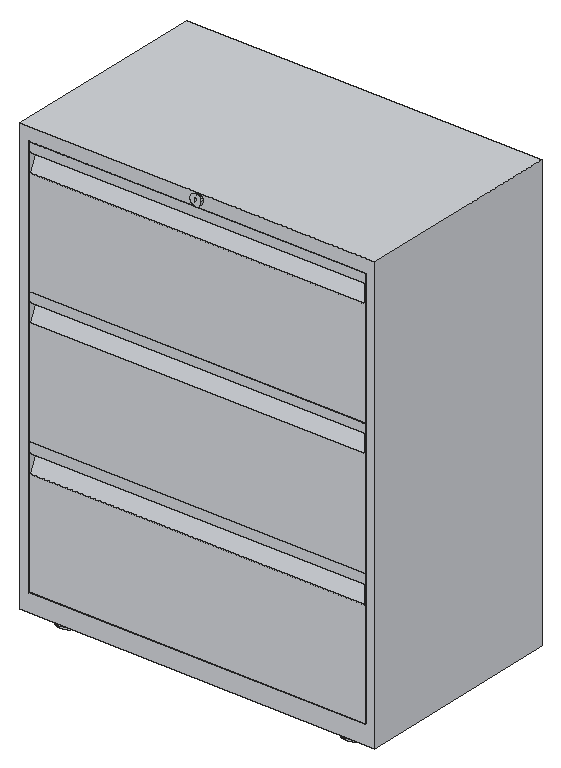
Revit family "Drawer Units", category Furniture, Revit 2018
Family settings
  OmniClass Number = 23.40.20.00
  OmniClass Title = General Furniture and Specialties
  Work Plane-Based = No
  Always vertical = Yes
  Cut with Voids When Loaded = No
  Shared = No
  Room Calculation Point = No
Parameters (values of type "08C30.3HQ")
  Weight = "94.34kg"
  Warranty = "10 Years"  # constant formula
  Uniclass2015Version = "V1.1"  # constant formula
  Uniclass2015Title = "78 Shelves and Storage Units"  # constant formula
  Uniclass 2015 Code = "PR_40_30_78_25"  # constant formula
  URL = "www.bisley.com"
  Training Requirements for Operational Use = "N/A"  # constant formula
  Top Drawer on/off = no
  Tolerance = 1 mm
  Routine Maintenance = "We recommend you clean your unit with warm water and a mil detergent solution. A damp cloth can be used to reove dust partles."  # constant formula
  Revision = "V1"  # constant formula
  Range = "LateralFile"  # constant formula
  Product Information = ""
  NamePlate_Material = Polypropylene
  Model Reference = "08C30.3HQ"
  Model = "1"  # constant formula
  Mid Point Carcass = 400 mm
  Manufacturer = "Bisley"  # constant formula
  Locker Height = 303 mm
  Lock_Material = Steel AISI 4620
  Lock Height = 982 mm
  Installation Date = ""
  Full Dimension = "800mm x 997mm x 470mm"
  Finish = "Powder Coated"  # constant formula
  Expected Life = "<10 Years"  # constant formula
  Drawer_Material = Steel, Mild
  Drawer 1 = Drawers : H 800
  Door_Material = none
  Compliance Standards Certification = "BS EN 14073 2004 Part 2 & 3, BS EN 14074, BS EN 14074, BS 4875 1998 Part 7 level 4 & Part 8, BS 476 Part 7 1987 Class 2Y"  # constant formula
  Category = "LateralFile Drawer Units"  # constant formula
  Carcass_Material = Steel, Mild
  Carcass = Carcasses : 08C30
  Author = "Bisley"  # constant formula
  3rd Drawer on/off = yes
Types (9, lengths in mm): name | Weight | Top Drawer on/off | Model Reference | Mid Point Carcass | Lock Height | Full Dimension | Drawer 1 | Door_Material | Carcass | 3rd Drawer on/off
  (no name) | "94.34kg" | no | "08C30.3HQ" | 400 | 982 | "800mm x 997mm x 470mm" | Drawers : H 800 | none | Carcasses : 08C30 | yes
  08C20.2HQ | "74.29" | no | "08C20.2HQ" | 400 | 678 | "800mm x 693mm x 470mm" | Drawers : H 800 | Default | Carcasses : 08C20 | no
  08C30.3HQ | "94.34kg" | no | "08C30.3HQ" | 400 | 982 | "800mm x 997mm x 470mm" | Drawers : H 800 | none | Carcasses : 08C30 | yes
  08C40.4H | "86.658kg" | yes | "08C40.4H" | 400 | 1286 | "800mm x 1301mm x 470mm" | Drawers : H 800 | none | Carcasses : 08C40 | yes
  09C20.2HQ | "81.087kg" | no | "09C20.2HQ" | 450 | 678 | "900mm x 693mm x 470mm" | Drawers : H 900 | none | Carcasses : 09C20.2HQ | no
  09C30.3HQ | "100.11kg" | no | "09C30.3HQ" | 450 | 982 | "900mm x 997mm x 470mm" | Drawers : H 900 | none | Carcasses : 09C30.3HQ | yes
  10C20.2HQ | "88.691kg" | no | "10C20.2HQ" | 500 | 678 | "1000mm x 693mm x 470mm" | Drawers : H 1000 | none | Carcasses : 10C20 | no
  10C30.3HQ | "114.521kg" | no | "10C30.3HQ" | 500 | 982 | "1000mm x 997mm x 470mm" | Drawers : H 1000 | none | Carcasses : 10C30 | yes
  10C40.4H | "99.153kg" | yes | "10C40.4H" | 500 | 1286 | "1000mm x 1301mm x 470mm" | Drawers : H 1000 | none | Carcasses : 10C40 | yes
Reference planes
  plane 1 "Center (Front/Back)": y = 0
  plane 2: z = 0
  plane 3 "Center (Left/Right)": x = 0
  plane 4: y = 0
  plane 5: z = 59
  plane 6: z = 362
  plane 7: z = 363
  plane 8: x = 400
  plane 9: z = 666
  plane 10: z = 667
  plane 11: z = 970
  plane 12: z = 971
  plane 13: z = 982
Dimensions and locks
  locked: plane 5 to plane 2 at 59
  "Locker Height": plane 6 to plane 5
  "Tolerance": plane 7 to plane 6
  "Mid Point Carcass": plane 8 to plane 3 "Center (Left/Right)"
  "Locker Height": plane 9 to plane 7
  "Tolerance": plane 10 to plane 9
  "Locker Height": plane 11 to plane 10
  "Tolerance": plane 12 to plane 11
  "Lock Height": plane 13 to level
  aligned and locked: level to plane 2
  aligned and locked: plane 4 to nested 1
  aligned and locked: plane 4 to nested 2
  aligned and locked: nested 1 to level
  aligned and locked: plane 1 "Center (Front/Back)" to plane 4
  aligned and locked: plane 1 "Center (Front/Back)" to nested 3
  aligned and locked: plane 3 "Center (Left/Right)" to nested 1
  aligned and locked: nested 2 to plane 5
  aligned and locked: nested 3 to plane 7
  aligned and locked: plane 8 to nested 3
  aligned and locked: plane 8 to nested 2
  aligned and locked: nested 4 to plane 10
  aligned and locked: nested 5 to plane 12
  aligned and locked: plane 8 to nested 5
  aligned and locked: plane 8 to nested 4
  aligned and locked: nested 6 to plane 13
  aligned and locked: plane 8 to nested 6
  aligned and locked: plane 1 "Center (Front/Back)" to nested 6
Nested families
  nested 1: "Carcasses" at (0, 470, 17), type <- "Carcass", type "08C30"
  nested 2: "Drawers" at (400, 10, 59), type <- "Drawer 1", type "H 800"
  nested 3: "Drawers" at (400, 10, 363), type <- "Drawer 1", type "H 800"
  nested 4: "Drawers" at (400, 10, 667), type <- "Drawer 1", visible <- "3rd Drawer on/off", type "H 800"
  nested 5: "Drawers" at (400, 10, 971), type <- "Drawer 1", visible <- "Top Drawer on/off", type "H 800"
  nested 6: "Basic AB Lock" at (400, 0, 986.92), type "Basic AB Lock"
Definition of nested family "Carcasses"
  Parameters (values of type "10C40")
    Width = 1000 mm
    Top Panel Height = 30 mm
    Outer Panels Width = 20 mm
    Height = 1301 mm
    Depth = 470 mm
    Carcass Height = Height - 13 mm  # 1288 mm
    Base Panel Height = 40 mm
  Types (18, lengths in mm): name | Width | Height | Carcass Height
    08C24 | 800 | 845 | 832
    08C36 | 800 | 1225 | 1212
    08C48 | 800 | 1605 | 1592
    08C61 | 800 | 1985 | 1972
    10C24 | 1000 | 845 | 832
    10C36 | 1000 | 1225 | 1212
    10C48 | 1000 | 1605 | 1592
    10C61 | 1000 | 1985 | 1972
    08C20 | 800 | 693 | 680
    08C30 | 800 | 997 | 984
    08C32 | 800 | 1073 | 1060
    08C34 | 800 | 1149 | 1136
    08C40 | 800 | 1301 | 1288
    09C20.2HQ | 900 | 693 | 680
    09C30.3HQ | 900 | 997 | 984
    10C20 | 1000 | 693 | 680
    10C30 | 1000 | 997 | 984
    10C40 | 1000 | 1301 | 1288
  Reference planes
    plane 1 "Center (Front/Back)": y = 0
    plane 2: z = 0
    plane 3 "Center (Left/Right)": x = 0
    plane 4: x = 1000
    plane 5: y = -470
    plane 6: x = 500
    plane 7: y = -235
    plane 8 "Top": z = 1288
    plane 9: x = 20
    plane 10: x = 980
    plane 11: z = 40
    plane 12: z = 1258
    plane 13: y = -20
    plane 14: x = 78
    plane 15: y = -40
    plane 16: x = 922
    plane 17: y = -430
    plane 18: z = 13
  Forms (mm)
    Extrusion 1, solid
      sketch origin (0, 0, 0) x (1, 0, 0) y (0, 1, 0)
        loop
          line (20, -20) -> (20, -470) -> (980, -470) -> (980, -20) -> (20, -20)
      from 0 to 40
    Extrusion 2, solid
      sketch origin (0, 0, 0) x (1, 0, 0) y (0, 0, 1)
        loop
          line (0, 0) -> (20, 0) -> (20, 1258) -> (0, 1258) -> (0, 0)
      from 20 to 470
    Extrusion 3, solid
      sketch origin (0, 0, 0) x (1, 0, 0) y (0, 0, 1)
        loop
          line (0, 1288) -> (0, 1258) -> (1000, 1258) -> (1000, 1288) -> (0, 1288)
      from 20 to 470
    Extrusion 4, solid
      sketch origin (0, 0, 0) x (1, 0, 0) y (0, 0, 1)
        loop
          line (980, 1258) -> (980, 0) -> (1000, 0) -> (1000, 1258) -> (980, 1258)
      from 20 to 470
    Extrusion 5, solid
      sketch origin (0, 0, 0) x (1, 0, 0) y (0, 1, 0)
        loop
          line (0, 0) -> (0, -20) -> (1000, -20) -> (1000, 0) -> (0, 0)
      from 0 to 1288
  Cuts and joins
    joined: Extrusion 1, Extrusion 2, Extrusion 3, Extrusion 4, Extrusion 5
  Dimensions and locks
    equal spacing: plane 5, plane 7, plane 1 "Center (Front/Back)"
    "Depth": plane 1 "Center (Front/Back)" to plane 5
    equal spacing: plane 3 "Center (Left/Right)", plane 6, plane 4
    "Width": plane 3 "Center (Left/Right)" to plane 4
    "Outer Panels Width": plane 9 to plane 3 "Center (Left/Right)"
    "Outer Panels Width": plane 4 to plane 10
    "Base Panel Height": plane 11 to level
    "Top Panel Height": plane 8 "Top" to plane 12
    Extrusion 2 sketch curve to Extrusion 2 sketch curve = 1258 mm
    locked: plane 17 to plane 5 at 40
    locked: plane 3 "Center (Left/Right)" to plane 14 at 78
    locked: plane 1 "Center (Front/Back)" to plane 15 at 40
    locked: plane 16 to plane 4 at 78
    "Carcass Height": plane 8 "Top" to level
    locked: plane 18 to level at 13
    aligned and locked: level to plane 2
    aligned and locked: plane 5 to Extrusion 1 sketch curve
    aligned and locked: Extrusion 2 sketch curve to level
    aligned and locked: Extrusion 2 sketch curve to plane 3 "Center (Left/Right)"
    aligned and locked: plane 9 to Extrusion 2 sketch curve
    aligned and locked: plane 12 to Extrusion 2
    aligned and locked: Extrusion 3 sketch curve to plane 8 "Top"
    aligned and locked: plane 3 "Center (Left/Right)" to Extrusion 3 sketch curve
    aligned and locked: plane 12 to Extrusion 3 sketch curve
    aligned and locked: Extrusion 3 sketch curve to plane 4
    aligned and locked: Extrusion 4 sketch curve to plane 12
    aligned and locked: plane 10 to Extrusion 4 sketch curve
    aligned and locked: level to Extrusion 4 sketch curve
    aligned and locked: Extrusion 4 sketch curve to plane 4
    aligned and locked: Extrusion 2 to plane 5
    aligned and locked: Extrusion 4 to plane 5
    aligned and locked: Extrusion 2 to Extrusion 1
    aligned and locked: Extrusion 3 to plane 5
    aligned and locked: Extrusion 3 to Extrusion 2
    aligned and locked: plane 8 "Top" to Extrusion 3
    aligned and locked: Extrusion 4 to Extrusion 2
    aligned and locked: plane 1 "Center (Front/Back)" to Extrusion 5 sketch curve
    aligned and locked: plane 3 "Center (Left/Right)" to Extrusion 5 sketch curve
    aligned and locked: Extrusion 5 sketch curve to Extrusion 3  (x2)
    aligned and locked: plane 8 "Top" to Extrusion 5
    aligned and locked: nested 1 to plane 17
    aligned and locked: plane 14 to nested 1
    aligned and locked: nested 2 to plane 15
    aligned and locked: nested 2 to plane 14
    aligned and locked: nested 4 to plane 16
    aligned and locked: nested 4 to plane 15
    aligned and locked: nested 3 to plane 17
    aligned and locked: plane 18 to nested 1
    aligned and locked: nested 2 to plane 18
    aligned and locked: plane 16 to nested 3
    aligned and locked: nested 4 to plane 18
    aligned and locked: plane 18 to nested 3
  Automatic sketch dimensions
    plane 3 "Center (Left/Right)" to Extrusion 1 sketch curve = 20 mm
    plane 10 to Extrusion 1 sketch curve = 0 mm
    Extrusion 1 sketch curve to plane 13 = 0 mm
  Nested families
    nested 1: "Leveling Foor" at (78, -430, -17), type "Leveling Foor"
    nested 2: "Leveling Foor" at (78, -40, -17), type "Leveling Foor"
    nested 3: "Leveling Foor" at (922, -430, -17) x (-1, 0, 0) z (0, 0, 1), type "Leveling Foor"
    nested 4: "Leveling Foor" at (922, -40, -17) x (-1, 0, 0) z (0, 0, 1), type "Leveling Foor"
  Definition of nested family "Leveling Foor"
    Parameters (values of type "Leveling Foor")
      Overall Height = 30 mm
      Diamter 2 = 6 mm
      Diameter = 50 mm
      Base Height = 3 mm
    Reference planes
      plane 1 "Center (Front/Back)": y = 0
      plane 2: z = 0
      plane 3 "Center (Left/Right)": x = 0
      plane 4: x = -25
      plane 5: y = -25
      plane 6: x = 25
      plane 7: y = 25
      plane 8: z = 3
      plane 9: z = 30
      plane 10: x = -3
      plane 11: y = -3
      plane 12: x = 3
      plane 13: y = 3
    Forms (mm)
      Extrusion 1, solid
        sketch origin (0, 0, 0) x (1, 0, 0) y (0, 1, 0)
          loop
            circle (0, 0) r 25
        from 0 to 3
      Extrusion 2, solid
        sketch origin (0, 0, 0) x (1, 0, 0) y (0, 1, 0)
          loop
            circle (0, 0) r 3
        from 3 to 30
    Cuts and joins
      joined: Extrusion 1, Extrusion 2
    Dimensions and locks
      equal spacing: plane 4, plane 3 "Center (Left/Right)", plane 6
      "Diameter": plane 4 to plane 6
      "Diameter": plane 7 to plane 5
      equal spacing: plane 7, plane 1 "Center (Front/Back)", plane 5
      "Base Height": plane 8 to level
      "Overall Height": plane 9 to level
      equal spacing: plane 10, plane 3 "Center (Left/Right)", plane 12
      equal spacing: plane 13, plane 1 "Center (Front/Back)", plane 11
      "Diamter 2": plane 13 to plane 11
      "Diamter 2": plane 10 to plane 12
      "Diamter 2": diameter of Extrusion 2
      "Diameter": diameter of Extrusion 1
      aligned and locked: level to plane 2
      aligned and locked: plane 8 to Extrusion 1
      aligned and locked: Extrusion 1 to level
      aligned and locked: plane 3 "Center (Left/Right)" to Extrusion 1 sketch curve
      aligned and locked: plane 1 "Center (Front/Back)" to Extrusion 1 sketch curve
      aligned and locked: plane 1 "Center (Front/Back)" to Extrusion 2 sketch curve
      aligned and locked: plane 3 "Center (Left/Right)" to Extrusion 2 sketch curve
      aligned and locked: plane 9 to Extrusion 2
      aligned and locked: Extrusion 2 to plane 8
    Automatic sketch dimensions
      radius of Extrusion 1 sketch curve = 25 mm
      radius of Extrusion 2 sketch curve = 3 mm
Definition of nested family "Drawers"
  Parameters (values of type "O 900")
    Width = 858 mm
    Thickness = 1.848 mm
    Height = 341 mm
    Depth = 20 mm
  Types (16, lengths in mm): name | Width | Height
    (no name) | 858 | 341
    G 800 | 758 | 379
    G 900 | 858 | 379
    G 1000 | 958 | 379
    O 800 | 758 | 341
    O 900 | 858 | 341
    O 1000 | 958 | 341
    H 800 | 758 | 303
    H 900 | 858 | 303
    H 1000 | 958 | 303
    J 800 | 758 | 266
    J 900 | 858 | 266
    J 1000 | 958 | 266
    K 800 | 758 | 227
    K 900 | 858 | 227
    K 1000 | 958 | 227
  Reference planes
    plane 1 "Center (Front/Back)": y = 0
    plane 2: z = 0
    plane 3 "Center (Left/Right)": x = 0
    plane 4: y = 10
    plane 5: y = -10
    plane 6: z = 341
    plane 7: z = 333.2
    plane 8: y = -8.152
    plane 9: y = 8.152
    plane 10: z = 321
    plane 11: z = 339.152
    plane 12: z = 279
    plane 13: z = 332.2
    plane 14: x = -429
    plane 15: x = 429
    plane 16: x = 427.152
    plane 17: x = -427.152
    plane 18: z = 5
    plane 19: z = 261
    plane 20: x = 409
    plane 21: x = 407.152
    plane 22: x = -409
    plane 23: x = -407.152
    plane 24: z = 6.848
    plane 25: y = 420
    plane 26: y = 418.152
  Forms (mm)
    Extrusion 1, solid
      sketch origin (0, 0, 0) x (0, 1, 0) y (0, 0, 1)
        loop
          line (-10, 321) -> (-8.152, 321) -> (-8.152, 339.206) -> (8.152, 332.2) -> (8.152, 321) -> (-10, 278.756) -> (-10, 0) -> (10, 0) -> (10, 333.2) -> (-8.152, 341) -> (-10, 341) -> (-10, 321)
      from -429 to 429
    Extrusion 2, solid
      sketch origin (0, 0, 0) x (0, 1, 0) y (0, 0, 1)
        loop
          line (10, 0) -> (10, 333.2) -> (-8.152, 341) -> (-10, 341) -> (-10, 0) -> (10, 0)
      from 427.152 to 429
    Extrusion 3, solid
      sketch origin (0, 0, 0) x (0, 1, 0) y (0, 0, -1)
        loop
          line (10, 0) -> (-10, 0) -> (-10, -341) -> (-8.152, -341) -> (10, -333.2) -> (10, 0)
      from 427.152 to 429
    Extrusion 4, solid
      sketch origin (0, 0, 0) x (1, 0, 0) y (0, 0, 1)
        loop
          line (409, 261) -> (407.152, 261) -> (407.152, 6.848) -> (-407.152, 6.848) -> (-407.152, 261) -> (-409, 261) -> (-409, 5) -> (409, 5) -> (409, 261)
      from -10 to -420
    Extrusion 5, solid
      sketch origin (0, 0, 0) x (1, 0, 0) y (0, 0, 1)
        loop
          line (-409, 5) -> (409, 5) -> (409, 261) -> (-409, 261) -> (-409, 5)
      from -420 to -418.152
  Cuts and joins
    joined: Extrusion 1, Extrusion 2, Extrusion 3, Extrusion 4, Extrusion 5
  Dimensions and locks
    "Height": level to plane 6
    equal spacing: plane 4, plane 1 "Center (Front/Back)", plane 5
    "Depth": plane 4 to plane 5
    "Thickness": plane 4 to plane 9
    "Thickness": plane 8 to plane 5
    locked: plane 6 to plane 10 at 20
    "Thickness": plane 6 to plane 11
    locked: plane 6 to plane 7 at 7.8
    locked: plane 6 to plane 12 at 62
    locked: plane 7 to plane 13 at 1
    locked: Extrusion 1 sketch curve to Extrusion 1 sketch curve at 11.2
    locked: Extrusion 1 sketch curve to Extrusion 1 sketch curve at 19.757
    locked: Extrusion 1 sketch curve to Extrusion 1 sketch curve at 17.746
    equal spacing: plane 15, plane 3 "Center (Left/Right)", plane 14
    "Width": plane 15 to plane 14
    "Thickness": plane 17 to plane 14
    "Thickness": plane 15 to plane 16
    locked: level to plane 18 at 5
    locked: plane 15 to plane 20 at 20
    "Thickness": plane 21 to plane 20
    locked: plane 22 to plane 14 at 20
    "Thickness": plane 23 to plane 22
    locked: plane 19 to plane 6 at 80
    "Thickness": plane 18 to plane 24
    "Thickness": plane 25 to plane 26
    aligned and locked: level to plane 2
    aligned and locked: Extrusion 1 sketch curve to level
    aligned and locked: plane 5 to Extrusion 1 sketch curve
    aligned and locked: Extrusion 1 sketch curve to plane 4
    aligned and locked: plane 6 to Extrusion 1 sketch curve
    aligned and locked: Extrusion 1 sketch curve to plane 5
    aligned and locked: Extrusion 1 sketch curve to plane 10
    aligned and locked: Extrusion 1 sketch curve to plane 8
    aligned and locked: Extrusion 1 to plane 14
    aligned and locked: plane 15 to Extrusion 1
    aligned and locked: Extrusion 2 sketch curve to plane 4
    aligned and locked: Extrusion 2 sketch curve to level
    aligned and locked: Extrusion 2 sketch curve to plane 5
    aligned and locked: Extrusion 2 sketch curve to plane 6
    aligned and locked: Extrusion 2 to Extrusion 1
    aligned and locked: Extrusion 2 to plane 16
    aligned and locked: plane 15 to Extrusion 2
    aligned and locked: plane 17 to Extrusion 3
    aligned and locked: Extrusion 3 to Extrusion 1
    aligned and locked: Extrusion 4 sketch curve to plane 19  (x2)
    aligned and locked: plane 23 to Extrusion 4 sketch curve
    aligned and locked: Extrusion 4 sketch curve to plane 22
    aligned and locked: Extrusion 4 sketch curve to plane 24
    aligned and locked: plane 18 to Extrusion 4 sketch curve
    aligned and locked: plane 20 to Extrusion 4 sketch curve
    aligned and locked: Extrusion 4 sketch curve to plane 21
    aligned and locked: plane 25 to Extrusion 4
    aligned and locked: plane 4 to Extrusion 4
    aligned and locked: Extrusion 5 sketch curve to Extrusion 4  (x4)
    aligned and locked: plane 26 to Extrusion 5
    aligned and locked: Extrusion 5 to Extrusion 4
  Automatic sketch dimensions
    Extrusion 1 sketch curve to plane 8 = 0 mm
    Extrusion 1 sketch curve to plane 9 = 0 mm
    Extrusion 1 sketch curve to plane 10 = 0 mm
    Extrusion 1 sketch curve to plane 12 = 0.244 mm
    Extrusion 2 sketch curve to plane 8 = 0 mm
    Extrusion 2 sketch curve to plane 7 = 0 mm
    Extrusion 3 sketch curve to level = 0 mm
    Extrusion 3 sketch curve to plane 5 = 0 mm
    plane 6 to Extrusion 3 sketch curve = 0 mm
    Extrusion 3 sketch curve to plane 8 = 0 mm
    Extrusion 3 sketch curve to plane 4 = 0 mm
    Extrusion 3 sketch curve to plane 7 = 0 mm
Definition of nested family "Basic AB Lock"
  Reference planes
    plane 1 "Center (Front/Back)": y = 0
    plane 2: z = 0
    plane 3 "Center (Left/Right)": x = 0
  Forms (mm)
    Extrusion 1, solid
      sketch origin (0, 0, 0) x (1, 0, 0) y (0, 0, 1)
        loop
          circle (0, 0) r 12.5
      from 0 to 5
    Extrusion 2, void
      sketch origin (0, 0, 0) x (1, 0, 0) y (0, 0, 1)
        loop
          line (-2.066, 5) -> (-2.066, -4.92) -> (2.194, -4.92) -> (2.194, 5) -> (-2.066, 5)
      from -11.596 to 23.024
  Cuts and joins
    Extrusion 2 cuts Extrusion 1
  Dimensions and locks
    aligned and locked: level to plane 2
